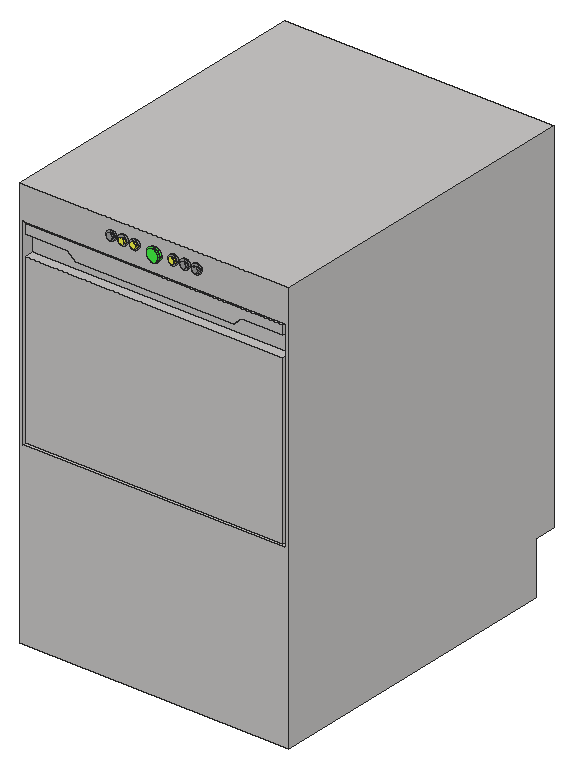
Revit family "QF_ELECTROLUXPROFESSIONAL_402201_ESI", category Specialty Equipment, Revit 2018
Family settings
  Round Connector Dimension = Use Diameter
  Part Type = Normal
  Work Plane-Based = No
  Always vertical = Yes
  Cut with Voids When Loaded = No
  Shared = No
  Room Calculation Point = No
Parameters
  Weight = 37.00 kg
  Watts = 0 W
  Volts = 0 V
  URL Manufacturer = ""
  URL = "http://professional.electrolux.com/"
  Steam Supply Size = 0 mm
  Steam Supply Minimum Pressure = 0.0 Pa
  Steam Supply Maximum Pressure = 0.0 Pa
  Steam Pounds per Hour = 0
  Show Logo [instance] = yes
  Show Clearance [instance] = yes
  Refrigeration Suction Line Size = 0 mm
  Refrigeration Liquid Line Size = 0 mm
  Refrigerant Compressor Remote = yes
  Manufacturer = ""
  Phase = 0
  Model = ""
  Length Actual = 460 mm  # constant formula
  Item Number = ""
  Hot Water Size = 0 mm
  Height Actual = 715 mm  # constant formula
  HP = "4.4 HP"
  Gas Size = 0 mm
  Gas KW = 0
  Gas Input Pressure = 0 W
  Direct Waste Size = 22 mm
  Description = ""
  Depth Actual = 565 mm  # constant formula
  Cycle = 0 Hz
  Condensate Return Size = 0 mm
  Compressed Air Volume = 0.0 L/s
  Compressed Air Size = 0 mm
  Compressed Air Pressure = 0.0 Pa
  Cold Water Size = 0 mm
  Accessory = yes
Types (2, lengths in mm): name | Volts | URL Manufacturer | URL | Manufacturer | Phase | Model | Item Number | Description | Cycle | Cold Water Size
  (no name) | 0 V | "" | "http://professional.electrolux.com/" | "" | 0 | "" | "" | "" | 0 Hz | 0
  Standard | 230 V | "http://professional.electrolux.com" | "http://professional.electrolux.com" | "Electrolux Professional" | 1 | "ESI" | "402201" | "GLASSWASHER(S) DOUBLE SKIN, 30B/H" | 50 Hz | 19.05
Reference planes
  plane 1 "Center (Front/Back)": y = 0
  plane 2: z = 0
  plane 3 "Center (Left/Right)": x = 0
  plane 4 "LEFT": x = -230
  plane 5 "RIGHT": x = 230
  plane 6 "FRONT": y = -282.5
  plane 7 "BACK": y = 282.5
  plane 8: x = -202.5
  plane 9: x = 202.5
  plane 10: z = 715
  plane 11: z = 10
Forms (mm)
  Extrusion 1, solid, material "QF_Finishes_Stainless Steel"
    sketch origin (0, 0, 0) x (1, 0, 0) y (0, 1, 0)
      loop
        line (-230, -282.5) -> (230, -282.5) -> (230, 243.5) -> (-230, 243.5) -> (-230, -282.5)
    from 10 to 715
  Extrusion 2, solid, material "QF_Finishes_Stainless Steel"
    sketch origin (0, 0, 0) x (1, 0, 0) y (0, 1, 0)
      loop
        line (-230, 243.5) -> (230, 243.5) -> (230, 282.5) -> (-230, 282.5) -> (-230, 243.5)
    from 100 to 715
  Extrusion 3, solid, material "QF_Finishes_Stainless Steel"
    sketch origin (0, 0, 0) x (1, 0, 0) y (0, 1, 0)
      loop
        circle (-202.5, 184.5) r 12.5
      loop
        circle (202.5, 184.5) r 12.5
      loop
        circle (-202.5, -235.5) r 12.5
      loop
        circle (202.5, -235.5) r 12.5
    from 0 to 10
  Extrusion 4, void
    sketch origin (-230, -282.5, 0) x (-1, 0, 0) y (0, 0, 1)
      loop
        line (-5, 658.217) -> (-455, 658.217) -> (-455, 315) -> (-5, 315) -> (-5, 658.217)
    from 0 to 30
  Extrusion 5, solid, material "QF_Finishes_Stainless Steel"
    sketch origin (-288, -392, 738) x (0, 0, -1) y (1, 0, 0)
      loop
        circle (693, 213) r 10
    from -635.5 to -674.5
  Extrusion 6, solid, material "QF_Door-Drawer Clearances", visible <- "Show Clearance", detail levels coarse
    sketch origin (-230, -282.5, 0) x (0, 1, 0) y (0, 0, -1)
      loop
        line (0, -315) -> (-315, -315)
        arc (-315, -315) -> (-223.2, -545.869) -> (0, -655) r 344.605
        line (0, -655) -> (0, -315)
    from -10 to -450
  Extrusion 7, solid, material "QF_Finishes_Stainless Steel"
    sketch origin (-242.481, -392, 738) x (0, 0, -1) y (1, 0, 0)
      loop
        circle (663, 322.481) r 8
    from -635.5 to -674.5
  Extrusion 8, solid, material "QF_Finishes_Green"
    sketch origin (234, -282.5, -28.75) x (-1, 0, 0) y (0, 0, -1)
      loop
        circle (234, -714.569) r 10
    from 0 to 5
  Extrusion 9, solid, material "QF_Finishes_Gray"
    sketch origin (234, -282.5, -24.375) x (-1, 0, 0) y (0, 0, -1)
      loop
        circle (306.936, -713.972) r 5
    from 0 to 5
  Extrusion 10, solid, material "QF_Finishes_Stainless Steel"
    sketch origin (-230, -282.5, 0) x (0, 1, 0) y (0, 0, -1)
      loop
        line (0, -319.622) -> (0, -605) -> (15, -605) -> (15, -655) -> (25, -655) -> (25, -319.622) -> (0, -319.622)
    from -10 to -450
  Extrusion 11, solid, material "QF_Finishes_Stainless Steel"
    sketch origin (-230, -282.5, 0) x (0, 1, 0) y (0, 0, -1)
      loop
        line (15, -655) -> (15, -652.514) -> (2.5, -652.514) -> (2.5, -626.25) -> (0, -626.25) -> (0, -655) -> (15, -655)
    from -10 to -450
  Extrusion 12, void
    sketch origin (-230, -282.5, 655) x (0, 0, 1) y (1, 0, 0)
      loop
        line (-15.552, 10) -> (-15.552, 81.607) -> (-28.75, 94.804) -> (-28.75, 10) -> (-15.552, 10)
      loop
        line (-15.552, 450) -> (-28.75, 450) -> (-28.75, 365.196) -> (-15.552, 378.393) -> (-15.552, 450)
    from 0 to 2.5
  Extrusion 13, solid, material "QF_Finishes_Stainless Steel"
    sketch origin (-328, -392, 738) x (0, 0, -1) y (1, 0, 0)
      loop
        circle (663, 228) r 8
    from -635.5 to -674.5
  Extrusion 14, solid, material "QF_Finishes_Green"
    sketch origin (-230, -282.5, 0) x (1, 0, 0) y (0, 0, 1)
      loop
        circle (230, 685.819) r 12
      loop
        circle (230, 685.819) r 10
    from 0 to 2.5
  Extrusion 15, solid, material "QF_Finishes_Gray"
    sketch origin (-210, -282.5, -28.75) x (1, 0, 0) y (0, 0, 1)
      loop
        circle (262.936, 718.347) r 8
      loop
        circle (262.936, 718.347) r 5
      loop
        circle (242.936, 718.347) r 8
      loop
        circle (242.936, 718.347) r 5
      loop
        circle (282.936, 718.347) r 8
      loop
        circle (282.936, 718.347) r 5
    from 0 to 2.5
  Extrusion 16, solid, material "QF_Finishes_Gray"
    sketch origin (-234, -282.5, -24.375) x (1, 0, 0) y (0, 0, 1)
      loop
        circle (286.936, 713.972) r 5
      loop
        circle (306.936, 713.972) r 5
    from 0 to 5
  Extrusion 17, solid, material "QF_Finishes_Gray"
    sketch origin (210, -282.5, -28.75) x (-1, 0, 0) y (0, 0, -1)
      loop
        circle (262.936, -718.347) r 8
      loop
        circle (262.936, -718.347) r 5
      loop
        circle (242.936, -718.347) r 8
      loop
        circle (242.936, -718.347) r 5
      loop
        circle (282.936, -718.347) r 8
      loop
        circle (282.936, -718.347) r 5
    from 0 to 2.5
  Extrusion 18, solid, material "QF_Finishes_Yellow"
    sketch origin (254, -282.5, -24.375) x (-1, 0, 0) y (0, 0, -1)
      loop
        circle (306.936, -713.972) r 5
    from 0 to 5
  Extrusion 19, solid, material "QF_Finishes_Yellow"
    sketch origin (274, -282.5, -24.375) x (-1, 0, 0) y (0, 0, -1)
      loop
        circle (306.936, -713.972) r 5
    from 0 to 5
  Extrusion 20, solid, material "QF_Finishes_Yellow"
    sketch origin (339.871, -282.5, -24.375) x (-1, 0, 0) y (0, 0, -1)
      loop
        circle (306.936, -713.972) r 5
    from 0 to 5
Cuts and joins
  Extrusion 4 cuts Extrusion 1
  joined: Extrusion 1, Extrusion 2
  Extrusion 12 cuts Extrusion 10
  Extrusion 12 cuts Extrusion 11
Lines and regions (mm)
  Split face 1
    outline origin (-230, -282.5, 715) x (0, 0, -1) y (1, 0, 0)
      loop
        line (35, 0) -> (35, 60) -> (49.142, 74.142) -> (49.142, 214.142) -> (11.456, 214.142)
        arc (11.456, 214.142) -> (9.82, 214.82) -> (9.142, 216.456) r 2.314
        line (9.142, 216.456) -> (9.142, 230) -> (9.142, 243.544)
        arc (9.142, 243.544) -> (9.82, 245.18) -> (11.456, 245.858) r 2.314
        line (11.456, 245.858) -> (49.142, 245.858) -> (49.142, 385.858) -> (35, 400) -> (35, 460)
      loop
        line (56.783, 5) -> (56.783, 0)
      loop
        line (56.783, 455) -> (56.783, 460)
  symbolic lines
    curve 1: line (-230, 282.5, 0) -> (230, 282.5, 0)
    curve 2: line (-230, -282.5, 0) -> (-230, 282.5, 0)
    curve 3: line (230, -282.5, 0) -> (-230, -282.5, 0)
    curve 4: line (230, 282.5, 0) -> (230, -282.5, 0)
    curve 9: line (-80.94, -285, 0) -> (-80.94, -282.5, 0)
    curve 10: line (-64.948, -285, 0) -> (-64.948, -282.5, 0)
    curve 11: line (-77.926, -287.5, 0) -> (-67.936, -287.5, 0)
    curve 12: line (-67.936, -287.5, 0) -> (-67.936, -285, 0)
    curve 13: line (-77.926, -287.5, 0) -> (-77.926, -285, 0)
    curve 14: line (-60.936, -285, 0) -> (-44.936, -285, 0)
    curve 15: line (-44.936, -285, 0) -> (-44.936, -282.5, 0)
    curve 16: line (-60.936, -285, 0) -> (-60.936, -282.5, 0)
    curve 17: line (-57.936, -287.5, 0) -> (-47.936, -287.5, 0)
    curve 18: line (-47.936, -287.5, 0) -> (-47.936, -285, 0)
    curve 19: line (-57.936, -287.5, 0) -> (-57.936, -285, 0)
    curve 20: line (-40.936, -285, 0) -> (-24.936, -285, 0)
    curve 21: line (-24.936, -285, 0) -> (-24.936, -282.5, 0)
    curve 22: line (-40.936, -285, 0) -> (-40.936, -282.5, 0)
    curve 23: line (-37.936, -287.5, 0) -> (-27.936, -287.5, 0)
    curve 24: line (-27.936, -287.5, 0) -> (-27.936, -285, 0)
    curve 25: line (-37.936, -287.5, 0) -> (-37.936, -285, 0)
    curve 26: line (24.936, -285, 0) -> (40.936, -285, 0)
    curve 27: line (40.936, -285, 0) -> (40.936, -282.5, 0)
    curve 28: line (27.936, -287.5, 0) -> (37.936, -287.5, 0)
    curve 29: line (37.936, -287.5, 0) -> (37.936, -285, 0)
    curve 30: line (27.936, -287.5, 0) -> (27.936, -285, 0)
    curve 31: line (24.936, -285, 0) -> (24.936, -282.5, 0)
    curve 32: line (-12, -285, 0) -> (12, -285, 0)
    curve 33: line (12, -285, 0) -> (12, -282.5, 0)
    curve 34: line (-12, -285, 0) -> (-12, -282.5, 0)
    curve 35: line (-10, -287.5, 0) -> (10, -287.5, 0)
    curve 36: line (10, -287.5, 0) -> (10, -285, 0)
    curve 37: line (-10, -287.5, 0) -> (-10, -285, 0)
    curve 39: line (44.936, -285, 0) -> (60.936, -285, 0)
    curve 40: line (60.936, -285, 0) -> (60.936, -282.5, 0)
    curve 41: line (47.936, -287.5, 0) -> (57.936, -287.5, 0)
    curve 42: line (57.936, -287.5, 0) -> (57.936, -285, 0)
    curve 43: line (47.936, -287.5, 0) -> (47.936, -285, 0)
    curve 44: line (44.936, -285, 0) -> (44.936, -282.5, 0)
    curve 45: line (64.936, -285, 0) -> (80.936, -285, 0)
    curve 46: line (80.936, -285, 0) -> (80.936, -282.5, 0)
    curve 47: line (67.936, -287.5, 0) -> (77.936, -287.5, 0)
    curve 48: line (77.936, -287.5, 0) -> (77.936, -285, 0)
    curve 49: line (67.936, -287.5, 0) -> (67.936, -285, 0)
    curve 50: line (64.936, -285, 0) -> (64.936, -282.5, 0)
  symbolic lines, style "QF_Door-Drawer Clearances"
    curve 5: line (-220, -597.5, 0) -> (220, -597.5, 0)
    curve 6: line (220, -597.5, 0) -> (220, -282.5, 0)
    curve 7: line (-220, -597.5, 0) -> (-220, -282.5, 0)
  symbolic lines, style "SpecialityEquipment"
    curve 8: line (-80.94, -285, 0) -> (-64.948, -285, 0)
  symbolic lines, style "SpecialityEquipmentHiddenLines"
    curve 38: line (-230, 243.5, 0) -> (230, 243.5, 0)
Dimensions and locks
  equal spacing: plane 4 "LEFT", plane 3 "Center (Left/Right)", plane 5 "RIGHT"
  equal spacing: plane 7 "BACK", plane 1 "Center (Front/Back)", plane 6 "FRONT"
  plane 7 "BACK" to plane 6 "FRONT" = 565 mm
  plane 4 "LEFT" to plane 5 "RIGHT" = 460 mm
  plane 4 "LEFT" to plane 8 = 27.5 mm
  plane 9 to plane 5 "RIGHT" = 27.5 mm
  locked: plane 11 to level at 10
  plane 4 "LEFT" to plane 3 "Center (Left/Right)" = 230 mm
  plane 10 to level = 715 mm  (x2)
  plane 8 to plane 9 = 405 mm
  level to Extrusion 13 sketch curve = 75 mm
  Extrusion 13 sketch curve to plane 4 "LEFT" = 130 mm
  level to Extrusion 5 sketch curve = 45 mm
  Extrusion 5 sketch curve to plane 4 "LEFT" = 155 mm
  Extrusion 7 sketch curve to plane 4 "LEFT" = 310 mm
  level to Extrusion 7 sketch curve = 75 mm
  locked: Extrusion 3 to cut or joined group of Extrusion 1, Extrusion 2, Extrusion 4 at 98
  Extrusion 3 to Extrusion 3 = 420 mm
  locked: plane 6 "FRONT" to Extrusion 3 at 47
  plane 9 to plane 8 = 405 mm
  plane 7 "BACK" to curve 5 = 880 mm
  cut or joined group of Extrusion 10, Extrusion 12 to cut or joined group of Extrusion 1, Extrusion 2, Extrusion 4 = 290 mm
  aligned and locked: level to plane 2
  aligned and locked: Extrusion 1 sketch curve to plane 6 "FRONT"
  aligned and locked: Extrusion 1 sketch curve to plane 4 "LEFT"
  aligned and locked: plane 5 "RIGHT" to Extrusion 1 sketch curve
  aligned and locked: Extrusion 1 to plane 11
  aligned and locked: Extrusion 2 sketch curve to Extrusion 1  (x2)
  aligned and locked: plane 7 "BACK" to Extrusion 2 sketch curve
  aligned and locked: plane 5 "RIGHT" to Extrusion 2 sketch curve
  aligned and locked: plane 11 to Extrusion 3
  aligned and locked: Extrusion 2 to Extrusion 5
  aligned and locked: Extrusion 2 to Extrusion 7
  aligned and locked: plane 7 "BACK" to Extrusion 7
  aligned and locked: plane 7 "BACK" to Extrusion 5
  aligned and locked: cut or joined group of Extrusion 11, Extrusion 12 to Extrusion 12
  aligned and locked: plane 10 to Extrusion 2
Automatic sketch dimensions
  curve 1 to plane 4 "LEFT" = 0 mm
  curve 7 to plane 6 "FRONT" = 0 mm
  curve 4 to plane 5 "RIGHT" = 0 mm
  curve 2 to plane 7 "BACK" = 0 mm
  plane 4 "LEFT" to curve 5 = 10 mm
  curve 8 to plane 6 "FRONT" = 2.5 mm
  curve 8 to plane 3 "Center (Left/Right)" = 80.94 mm
  curve 8 to curve 11 = 3.013 mm
  curve 11 to curve 11 = 9.991 mm
  curve 12 to curve 10 = 2.987 mm
  curve 8 to curve 16 = 4.013 mm
  curve 14 to curve 19 = 3 mm
  curve 17 to plane 6 "FRONT" = 5 mm
  curve 17 to curve 17 = 10 mm
  curve 18 to curve 14 = 3 mm
  curve 14 to curve 20 = 4 mm
  curve 20 to curve 25 = 3 mm
  curve 24 to plane 6 "FRONT" = 5 mm
  curve 23 to curve 24 = 10 mm
  curve 24 to curve 21 = 3 mm
  curve 34 to plane 6 "FRONT" = 2.5 mm
  curve 34 to plane 3 "Center (Left/Right)" = 12 mm
  curve 32 to curve 37 = 2 mm
  plane 3 "Center (Left/Right)" to curve 36 = 10 mm
  curve 36 to curve 33 = 2 mm
  curve 26 to plane 6 "FRONT" = 2.5 mm
  curve 32 to curve 26 = 12.936 mm
  curve 26 to curve 30 = 3 mm
  curve 28 to plane 6 "FRONT" = 5 mm
  curve 28 to curve 28 = 10 mm
  curve 29 to curve 27 = 3 mm
  curve 26 to curve 44 = 4 mm
  curve 39 to curve 43 = 3 mm
  curve 41 to plane 6 "FRONT" = 5 mm
  curve 41 to curve 41 = 10 mm
  curve 42 to curve 39 = 3 mm
  curve 39 to curve 50 = 4 mm
  curve 45 to curve 47 = 3 mm
  curve 47 to plane 6 "FRONT" = 5 mm
  curve 47 to curve 47 = 10 mm
  curve 48 to curve 45 = 3 mm
  curve 6 to plane 5 "RIGHT" = 10 mm
  curve 35 to curve 36 = 2.5 mm
  curve 11 to curve 13 = 2.5 mm
  curve 15 to plane 6 "FRONT" = 2.5 mm
  curve 20 to plane 6 "FRONT" = 2.5 mm
  curve 40 to plane 6 "FRONT" = 2.5 mm
  curve 45 to plane 6 "FRONT" = 2.5 mm
  curve 38 to plane 7 "BACK" = 39 mm
  Extrusion 1 sketch curve to plane 7 "BACK" = 39 mm
  Extrusion 3 sketch curve to plane 8 = 0 mm  (x2)
  Extrusion 3 sketch curve to plane 9 = 0 mm  (x2)
  plane 6 "FRONT" to Extrusion 3 sketch curve = 47 mm  (x2)
  Extrusion 3 sketch curve to plane 7 "BACK" = 98 mm  (x2)
  Extrusion 4 sketch curve to Extrusion 1 = 5 mm  (x2)
  Extrusion 4 sketch curve to Extrusion 1 = 305 mm
  Extrusion 4 sketch curve to Extrusion 1 = 56.783 mm
  Extrusion 6 sketch curve to plane 6 "FRONT" = 0 mm
  Extrusion 6 sketch curve to plane 6 "FRONT" = 315 mm
  plane 6 "FRONT" to Extrusion 6 sketch curve = 29.589 mm
  Extrusion 6 sketch curve to plane 10 = 60 mm
  plane 11 to Extrusion 6 sketch curve = 305 mm
  Extrusion 8 sketch curve to Extrusion 8 sketch curve = 0 mm  (x2)
  Extrusion 8 sketch curve to plane 3 "Center (Left/Right)" = 0 mm
  Extrusion 8 sketch curve to plane 10 = 29.181 mm
  plane 3 "Center (Left/Right)" to Extrusion 8 sketch curve = 10 mm
  Extrusion 9 sketch curve to Extrusion 9 sketch curve = 0 mm  (x2)
  Extrusion 9 sketch curve to plane 10 = 25.403 mm
  Extrusion 9 sketch curve to plane 3 "Center (Left/Right)" = 72.936 mm
  Extrusion 9 sketch curve to Extrusion 9 sketch curve = 5 mm
  Extrusion 10 sketch curve to plane 6 "FRONT" = 0 mm
  plane 6 "FRONT" to Extrusion 10 sketch curve = 15 mm
  Extrusion 10 sketch curve to Extrusion 10 sketch curve = 25 mm
  Extrusion 10 sketch curve to plane 10 = 60 mm
  Extrusion 10 sketch curve to Extrusion 10 sketch curve = 50 mm
  Extrusion 10 sketch curve to Extrusion 10 sketch curve = 285.378 mm
  Extrusion 11 sketch curve to plane 6 "FRONT" = 0 mm
  Extrusion 11 sketch curve to Extrusion 11 sketch curve = 2.5 mm
  Extrusion 11 sketch curve to Extrusion 11 sketch curve = 12.5 mm
  Extrusion 11 sketch curve to plane 10 = 60 mm
  Extrusion 11 sketch curve to Extrusion 11 sketch curve = 2.486 mm
  Extrusion 11 sketch curve to Extrusion 11 sketch curve = 26.264 mm
  Extrusion 12 sketch curve to Extrusion 11 = 0 mm  (x3)
  Extrusion 11 to Extrusion 12 sketch curve = 0 mm
  Extrusion 12 sketch curve to Extrusion 11 = 13.198 mm  (x2)
  Extrusion 12 sketch curve to Extrusion 11 = 71.607 mm
  Extrusion 12 sketch curve to Extrusion 12 sketch curve = 13.198 mm  (x2)
  Extrusion 12 sketch curve to Extrusion 11 = 84.804 mm
  Extrusion 14 sketch curve to Extrusion 14 sketch curve = 0 mm  (x2)
  Extrusion 1 to Extrusion 14 sketch curve = 29.181 mm
  Extrusion 1 to Extrusion 14 sketch curve = 230 mm
  Extrusion 15 sketch curve to Extrusion 15 sketch curve = 0 mm  (x8)
  plane 3 "Center (Left/Right)" to Extrusion 15 sketch curve = 32.936 mm
  Extrusion 15 sketch curve to Extrusion 15 sketch curve = 20 mm  (x2)
  Extrusion 15 sketch curve to plane 10 = 25.403 mm
  Extrusion 16 sketch curve to Extrusion 16 sketch curve = 0 mm  (x5)
  Extrusion 16 sketch curve to plane 10 = 25.403 mm
  plane 3 "Center (Left/Right)" to Extrusion 16 sketch curve = 52.936 mm
  Extrusion 16 sketch curve to Extrusion 16 sketch curve = 20 mm
  Extrusion 16 sketch curve to Extrusion 16 sketch curve = 5 mm  (x2)
  Split face 1 sketch curve to cut or joined group of Extrusion 1, Extrusion 2, Extrusion 4 = 0 mm  (x6)
  cut or joined group of Extrusion 1, Extrusion 2, Extrusion 4 to Split face 1 sketch curve = 0 mm  (x2)
  cut or joined group of Extrusion 1, Extrusion 2, Extrusion 4 to Split face 1 sketch curve = 7.641 mm  (x2)
  Split face 1 sketch curve to Split face 1 sketch curve = 14.142 mm  (x4)
  Split face 1 sketch curve to cut or joined group of Extrusion 1, Extrusion 2, Extrusion 4 = 11.456 mm  (x2)
  Split face 1 sketch curve to cut or joined group of Extrusion 1, Extrusion 2, Extrusion 4 = 9.142 mm
  Split face 1 sketch curve to cut or joined group of Extrusion 1, Extrusion 2, Extrusion 4 = 55 mm
  Split face 1 sketch curve to Split face 1 sketch curve = 140 mm
  Split face 1 sketch curve to Split face 1 sketch curve = 13.544 mm  (x2)
  Split face 1 sketch curve to cut or joined group of Extrusion 1, Extrusion 2, Extrusion 4 = 69.142 mm
  Extrusion 17 sketch curve to Extrusion 17 sketch curve = 0 mm  (x8)
  Extrusion 17 sketch curve to plane 3 "Center (Left/Right)" = 32.936 mm
  Extrusion 17 sketch curve to Extrusion 17 sketch curve = 20 mm  (x2)
  Extrusion 17 sketch curve to plane 10 = 25.403 mm
  Extrusion 18 sketch curve to Extrusion 18 sketch curve = 0 mm  (x2)
  Extrusion 18 sketch curve to plane 10 = 25.403 mm
  Extrusion 18 sketch curve to plane 3 "Center (Left/Right)" = 52.936 mm
  Extrusion 18 sketch curve to Extrusion 18 sketch curve = 5 mm
  Extrusion 19 sketch curve to Extrusion 19 sketch curve = 0 mm  (x2)
  Extrusion 19 sketch curve to plane 3 "Center (Left/Right)" = 32.936 mm
  Extrusion 19 sketch curve to plane 10 = 25.403 mm
  Extrusion 19 sketch curve to Extrusion 19 sketch curve = 5 mm
  Extrusion 20 sketch curve to Extrusion 20 sketch curve = 0 mm  (x2)
  plane 3 "Center (Left/Right)" to Extrusion 20 sketch curve = 32.936 mm
  Extrusion 20 sketch curve to plane 10 = 25.403 mm
  Extrusion 20 sketch curve to Extrusion 20 sketch curve = 5 mm
  radius of Extrusion 5 sketch curve = 10 mm
  radius of Extrusion 7 sketch curve = 8 mm
  radius of Extrusion 13 sketch curve = 8 mm
  radius of Extrusion 3 sketch curve = 12.5 mm  (x4)
  radius of Extrusion 14 sketch curve = 12 mm
  radius of Extrusion 14 sketch curve = 10 mm
  radius of Extrusion 15 sketch curve = 8 mm  (x3)
  radius of Extrusion 15 sketch curve = 5 mm  (x3)
  radius of Extrusion 17 sketch curve = 8 mm  (x3)
  radius of Extrusion 17 sketch curve = 5 mm  (x3)
Connectors
  piping at (-75, 282.5, 45), diameter 20
    settings: on Extrusion 5, index 1, connector inside diameter 609.6 mm, connector length 0 mm, flow factor 0, pipe flow 0.0 L/s, pressure drop 0.0 Pa, fitting loss kfactor 0, connector angle 0.00°, fixture units 0, engagement length 0 mm, angle of deflection 0.00°, flow configuration 1, flow direction 1, fitting loss method 0, system type 16, joint type 0, gender type 0, connector reference index -1, connector utility 0, adjustable connector no, is connector primary yes, connector description "Drain"
  piping at (80, 282.5, 75), driven by "Cold Water Size"
    settings: on Extrusion 7, index 3, connector diameter 0 mm, connector inside diameter 609.6 mm, connector length 0 mm, flow factor 0, pipe flow 0.0 L/s, pressure drop 0.0 Pa, fitting loss kfactor 0, connector angle 0.00°, fixture units 0, engagement length 0 mm, angle of deflection 0.00°, flow configuration 1, flow direction 1, fitting loss method 0, system type 20, joint type 0, gender type 0, connector reference index -1, connector utility 0, adjustable connector no, is connector primary no, connector description "Cold Water Inlet"
  electrical at (-100, 282.5, 75), driven by "Volts"
    settings: on Extrusion 13, index 4, voltage 0 V, apparent load 0 VA, apparent load phase1 0 VA, apparent load phase2 0 VA, apparent load phase3 0 VA, power factor 1, load classification "Altro", number of poles 1, system type 31, power factor state 1, is connector primary yes, connector utility no, sub classification motor no, connector description "Electrical Connection"
